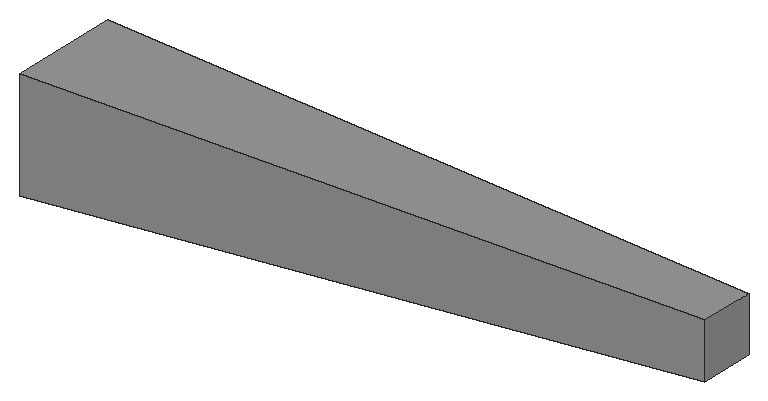
Revit family "HECM - Viga seccion variable", category Structural Framing, Revit 2027
Family settings
  Structural Framing Length Roundoff = 0 mm
  Section Shape = Not Defined
  Material for Model Behavior = Other
  Always export as geometry = No
  Work Plane-Based = No
  Always vertical = Yes
  Cut with Voids When Loaded = No
  Symbolic Representation = From Family
  Shared = No
  Show family pre-cut in plan views = Yes
Parameters
  Structural Material [instance] = Hormigón Estandar
  Longitud = 2420 mm
  Default Elevation = 0 mm
  Ancho Inicial = 400 mm
  Ancho Final = 200 mm
  Altura Inicial = 400 mm
  Altura Final = 200 mm
Reference planes
  plane 1 "Center (Front/Back)": y = 0
  plane 2: z = 0
  plane 3 "Center (Left/Right)": x = 0
  plane 4: x = 2420
Forms (mm)
  Blend 1, solid, material "Hormigón Estandar" <- "Structural Material"
    base sketch origin (0, 0, 0) x (0, 1, 0) y (0, 0, 1)
      loop
        line (200, 0) -> (-200, 0) -> (-200, -400) -> (200, -400) -> (200, 0)
    top sketch origin (0, 0, 0) x (0, 1, 0) y (0, 0, 1)
      loop
        line (100, 0) -> (-100, 0) -> (-100, -200) -> (100, -200) -> (100, 0)
    from 0 to 2420
Dimensions and locks
  "Altura Inicial": level to Blend 1 sketch curve
  "Ancho Inicial": Blend 1 sketch curve to Blend 1 sketch curve
  equal spacing: Blend 1 sketch curve, plane 1 "Center (Front/Back)", Blend 1 sketch curve  (x2)
  "Altura Final": Blend 1 sketch curve to Blend 1 sketch curve
  "Ancho Final": Blend 1 sketch curve to Blend 1 sketch curve
  "Longitud": plane 3 "Center (Left/Right)" to plane 4
  aligned and locked: level to plane 2
  aligned and locked: plane 4 to Blend 1
Automatic sketch dimensions
  Blend 1 sketch curve to level = 0 mm  (x2)
